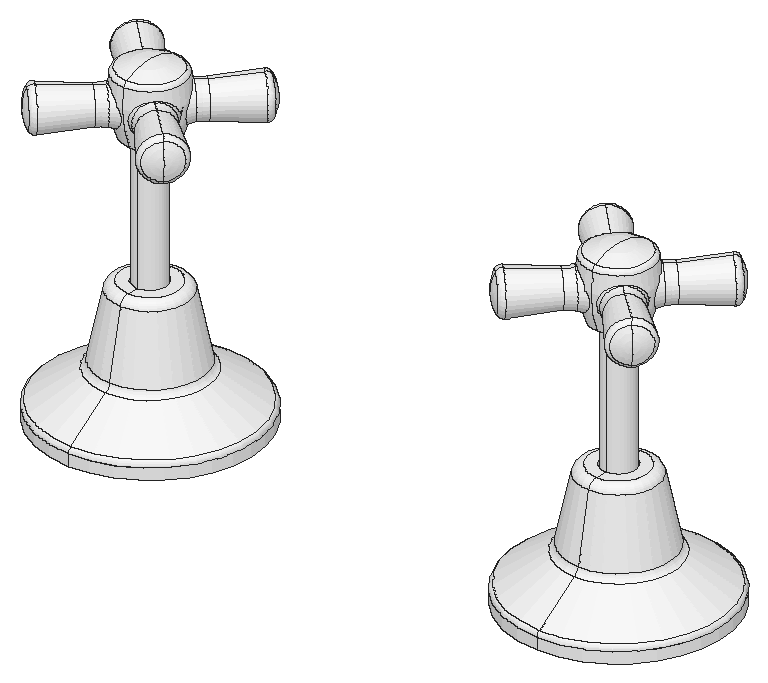
Revit family "Reece_Tap_Base_Wall Top Assembly_Anti-Vandal", category Plumbing Fixtures, host Face, Revit 2018
Family settings
  Host = Face
  Round Connector Dimension = Use Diameter
  Part Type = Normal
  Cut with Voids When Loaded = No
  Shared = Yes
  Room Calculation Point = Yes
Parameters (values of type "Chrome")
  WFU = 0  # constant formula
  URL = "https://www.reece.com.au/product/-9505429"
  Type Comments = "Tap"
  Reece_Tap_Inlet = 12 mm  # constant formula
  Reece_Tap_Axis Distance [instance] = 150 mm
  Reece_Tap_Axis [instance] = if(Reece_Tap_Axis Distance < 70 mm, 70 mm, if(Reece_Tap_Axis Distance > 55 mm, Reece_Tap_Axis Distance, Reece_Tap_Axis Distance))  # 150 mm
  Reece_Product_Web Page = "https://www.reece.com.au/product/-9505429"
  Reece_Product_Type = "Tap"  # constant formula
  Reece_Product_Sub Brand = "Base"  # constant formula
  Reece_Product_Number = "9505429"
  Reece_Product_Mount = "Wall Mounted"
  Reece_Product_Description = "Base Wall Top Assembly Anti-Vandal Chrome"
  Reece_Product_Brand = "Base"  # constant formula
  Reece_Overall_Diameter = 65 mm  # constant formula
  Reece_Material-Main = Reece_Brass_Chrome
  Reece_Detail_Installation = ""
  Reece_Detail_Disclaimer = "THIS FILE IS THE PROPERTY OF THE REECE GROUP. IT MAY NOT BE REPRODUCED, REVERSE-ENGINEERED OR MODIFIED. ANY REPUBLICATION, TRANSMISSION OR DISTRIBUTION FOR THE PURPOSE OF COMMERCIALLY EXPLOITING THE FILES IS PROHIBITED."  # constant formula
  Reece_Detail_Connector = ""
  Reece_Detail_Additional = ""
  Model = "Base"
  Manufacturer = "Base"
  Keynote = "Product #9505429, Reece_Tap_Base_Wall Top Assembly_Anti-Vandal - Chrome"
  HWFU = 0  # constant formula
  Disclaimer = "THIS FILE IS THE PROPERTY OF THE REECE GROUP. IT MAY NOT BE REPRODUCED, REVERSE-ENGINEERED OR MODIFIED. ANY REPUBLICATION, TRANSMISSION OR DISTRIBUTION FOR THE PURPOSE OF COMMERCIALLY EXPLOITING THE FILES IS PROHIBITED."  # constant formula
  Description = "Base Wall Top Assembly Anti-Vandal Chrome"
  Default Elevation = 1000 mm
  CWFU = 0  # constant formula
Types (2, lengths in mm): name | Keynote
  (no name) | "Product #9505429, Reece_Tap_Base_Wall Top Assembly_Anti-Vandal -  "
  Chrome | "Product #9505429, Reece_Tap_Base_Wall Top Assembly_Anti-Vandal - Chrome"
Reference planes
  plane 1 "Center (Front/Back)": y = 0
  plane 2 "Bottom": z = 0
  plane 3 "Center (Left/Right)": x = 0
  plane 4: x = 75
  plane 5: x = -75
  plane 6: y = 32.5
  plane 7: y = -32.5
Forms (mm)
  Extrusion 1, void
    sketch origin (0, 0, 0) x (1, 0, 0) y (0, 1, 0)
      loop
        circle (-75, 0) r 11.509
      loop
        circle (75, 0) r 11.509
    from -21.115 to 12.525
  Revolve 2, solid
    sketch origin (-75, 0, 0) x (0, 1, 0) y (0, 0, 1)
      loop
        line (11.509, 0) -> (0, 0) -> (0, -16.43) -> (1.716, -16.43) -> (3.391, -13.53) -> (3.391, -12.746) -> (9.723, -12.746) -> (9.723, -6.92) -> (8.626, -5.823) -> (9.722, -5.823) -> (11.509, -4.036) -> (11.509, 0)
      axis (0, 0) -> (0, -16.43)
    angle from 0 to 360
  Revolve 3, solid
    sketch origin (75, 0, 0) x (0, 1, 0) y (0, 0, 1)
      loop
        line (11.509, 0) -> (0, 0) -> (0, -16.43) -> (1.716, -16.43) -> (3.391, -13.53) -> (3.391, -12.746) -> (9.723, -12.746) -> (9.723, -6.92) -> (8.626, -5.823) -> (9.722, -5.823) -> (11.509, -4.036) -> (11.509, 0)
      axis (0, 0) -> (0, -16.43)
    angle from 0 to 360
Text (mm)
  text "Reece Copyright © 2018, Reece Ltd." at (-336.212, -196.675, 0), in view "Ref. Level"
  text "Reece ©" at (44.384, 258.95, 192.345), in view "Reece Preview"
Dimensions and locks
  equal spacing: plane 5, plane 3 "Center (Left/Right)", plane 4
  "Reece_Tap_Axis": plane 5 to plane 4
  "Reece_Overall_Diameter": plane 7 to plane 6
  aligned and locked: plane 2 "Bottom" to host face
  aligned and locked: level to host face
  aligned and locked: plane 1 "Center (Front/Back)" to nested 1
  aligned and locked: plane 1 "Center (Front/Back)" to nested 2
  aligned and locked: nested 1 to plane 5
  aligned and locked: plane 4 to nested 2
Automatic sketch dimensions
  host sketch curve to host sketch curve = 380.785 mm
  host sketch curve to host sketch curve = 317.421 mm
  plane 1 "Center (Front/Back)" to Extrusion 1 sketch curve = 0 mm  (x2)
  Extrusion 1 sketch curve to plane 5 = 0 mm
  Extrusion 1 sketch curve to plane 4 = 0 mm
  Revolve 2 sketch curve to plane 1 "Center (Front/Back)" = 0 mm  (x2)
  level to Revolve 2 sketch curve = 0 mm  (x2)
  Revolve 2 sketch curve to plane 1 "Center (Front/Back)" = 1.716 mm
  Revolve 2 sketch curve to Revolve 2 sketch curve = 1.675 mm
  Revolve 2 sketch curve to plane 1 "Center (Front/Back)" = 8.626 mm
  Revolve 2 sketch curve to Revolve 2 sketch curve = 1.097 mm  (x2)
  Revolve 2 sketch curve to Revolve 2 sketch curve = 6.333 mm
  Revolve 2 sketch curve to Revolve 2 sketch curve = 1.787 mm  (x2)
  Revolve 2 sketch curve to level = 4.036 mm
  Revolve 2 sketch curve to Revolve 2 sketch curve = 5.826 mm
  Revolve 2 sketch curve to Revolve 2 sketch curve = 0.783 mm
  Revolve 2 sketch curve to Revolve 2 sketch curve = 2.901 mm
  Revolve 2 sketch curve to Revolve 2 sketch curve = 2.203 mm
  Revolve 3 sketch curve to plane 1 "Center (Front/Back)" = 0 mm  (x2)
  level to Revolve 3 sketch curve = 0 mm  (x2)
  Revolve 3 sketch curve to plane 1 "Center (Front/Back)" = 1.716 mm
  Revolve 3 sketch curve to Revolve 3 sketch curve = 1.675 mm
  Revolve 3 sketch curve to plane 1 "Center (Front/Back)" = 8.626 mm
  Revolve 3 sketch curve to Revolve 3 sketch curve = 1.097 mm  (x2)
  Revolve 3 sketch curve to Revolve 3 sketch curve = 6.333 mm
  Revolve 3 sketch curve to Revolve 3 sketch curve = 1.787 mm  (x2)
  Revolve 3 sketch curve to level = 4.036 mm
  Revolve 3 sketch curve to Revolve 3 sketch curve = 5.826 mm
  Revolve 3 sketch curve to Revolve 3 sketch curve = 0.783 mm
  Revolve 3 sketch curve to Revolve 3 sketch curve = 2.901 mm
  Revolve 3 sketch curve to Revolve 3 sketch curve = 2.203 mm
  radius of Extrusion 1 sketch curve = 11.509 mm  (x2)
Nested families
  nested 1: "Reece_Tap_Base_Wall Top Assembly_Anti Vandal_Nested" at (-75, 0, 0), Reece_Material-Main <- "Reece_Material-Main", type "Reece_Tap_Base_Wall Top Assembly_Nested"
    with Reece_Material-Main Reece_Brass_Chrome
  nested 2: "Reece_Tap_Base_Wall Top Assembly_Anti Vandal_Nested" at (75, 0, 0), Reece_Material-Main <- "Reece_Material-Main", type "Reece_Tap_Base_Wall Top Assembly_Nested"
    with Reece_Material-Main Reece_Brass_Chrome
Connectors
  piping at (-75, 0, -9.564), diameter 12, driven by "Reece_Tap_Inlet"
    settings: on host face, index 1, connector inside diameter 609.6 mm, connector length 0 mm, flow factor 0, pipe flow 0.0 L/s, pressure drop 0.0 Pa, fitting loss kfactor 0, connector angle 0.00°, fixture units 0, engagement length 0 mm, angle of deflection 0.00°, flow configuration 0, flow direction 1, fitting loss method 0, system type 29, joint type 0, gender type 0, connector reference index -1, connector utility 0, adjustable connector no, is connector primary yes, connector description ""
  piping at (75, 0, -9.564), diameter 12, driven by "Reece_Tap_Inlet"
    settings: on host face, index 2, connector inside diameter 609.6 mm, connector length 0 mm, flow factor 0, pipe flow 0.0 L/s, pressure drop 0.0 Pa, fitting loss kfactor 0, connector angle 0.00°, fixture units 0, engagement length 0 mm, angle of deflection 0.00°, flow configuration 0, flow direction 1, fitting loss method 0, system type 29, joint type 0, gender type 0, connector reference index -1, connector utility 0, adjustable connector no, is connector primary no, connector description ""
Definition of nested family "Reece_Tap_Base_Wall Top Assembly_Anti Vandal_Nested"
  Parameters (values of type "Reece_Tap_Base_Wall Top Assembly_Nested")
    Waste Connection = no
    WFU = 0
    Vent Connection = no
    URL = ""
    Type Comments = ""
    Reece_Material-Main [instance] = none
    Model = ""
    Manufacturer = ""
    Keynote = ""
    HWFU = 0
    HW Connection = no
    Description = ""
    Default Elevation = 0 mm
    Cost = 0
    CWFU = 0
    CW Connection = no
    Assembly Code = ""
  Reference planes
    plane 1 "Center (Front/Back)": y = 0
    plane 2 "Bottom": z = 0
    plane 3 "Center (Left/Right)": x = 0
    plane 4: y = -32.5
    plane 5: y = 32.5
    plane 6: z = 96
  Forms (mm)
    Extrusion 1, solid
      sketch origin (619.2, -619.2, 0) x (1, 0, 0) y (0, 1, 0)
        loop
          line (-809.2, 779.2) -> (-809.2, 461.779) -> (-428.415, 461.779) -> (-428.415, 779.2) -> (-809.2, 779.2)
      from 0 to -9.564
    Revolve 2, solid, material <- "Reece_Material-Main"
      sketch origin (0, 0, 0) x (0, 1, 0) y (0, 0, 1)
        loop
          line (0, 12.525) -> (0, 0) -> (32.5, 0) -> (32.5, 3.576)
          arc (32.5, 3.576) -> (32.259, 4.527) -> (31.595, 5.25) r 2
          line (31.595, 5.25) -> (17.534, 14.445)
          arc (17.534, 14.445) -> (16.562, 15.396) -> (16.027, 16.646) r 3.5
          line (16.027, 16.646) -> (11.759, 36.725)
          arc (11.759, 36.725) -> (10.712, 38.433) -> (8.824, 39.102) r 3
          line (8.824, 39.102) -> (5.233, 39.102) -> (5.233, 12.525) -> (0, 12.525)
        loop
          line (4.808, 80.82) -> (8.244, 80.82)
          arc (8.244, 80.82) -> (10.641, 89.691) -> (10.364, 98.876) r 31.372
          arc (10.364, 98.876) -> (9.982, 99.74) -> (9.246, 100.333) r 2
          arc (9.246, 100.333) -> (4.737, 101.911) -> (0, 102.531) r 23.21
          line (0, 102.531) -> (0, 15.703) -> (4.808, 15.703) -> (4.808, 80.82)
        axis (0, 102.531) -> (0, 0)
      angle from 0 to 360
    Extrusion 3, void
      sketch origin (0, 0, 0) x (1, 0, 0) y (0, 1, 0)
        loop
          circle (0, 0) r 11.509
      from -24.315 to 0
    Revolve 4, solid, material <- "Reece_Material-Main"
      sketch origin (0, 0, -1.613) x (-0.707107, 0.707107, 0) y (0, 0, 1)
        loop
          arc (14.45, 97.583) -> (12.706, 97.583) -> (10.99, 97.886) r 10
          line (10.99, 97.886) -> (0, 100.831) -> (-10.99, 97.886)
          arc (-10.99, 97.886) -> (-12.706, 97.583) -> (-14.45, 97.583) r 10
          line (-14.45, 97.583) -> (-28.959, 98.853)
          arc (-28.959, 98.853) -> (-30.123, 98.598) -> (-30.936, 97.726) r 2
          arc (-30.936, 97.726) -> (-31.923, 94.954) -> (-32.307, 92.036) r 13.954
          line (-32.307, 92.036) -> (0, 92.036) -> (32.307, 92.036)
          arc (32.307, 92.036) -> (31.923, 94.954) -> (30.936, 97.726) r 13.954
          arc (30.936, 97.726) -> (30.123, 98.598) -> (28.959, 98.853) r 2
          line (28.959, 98.853) -> (14.45, 97.583)
        axis (32.307, 92.036) -> (-32.307, 92.036)
      angle from 0 to 360
    Revolve 5, solid, material <- "Reece_Material-Main"
      sketch origin (0, 0, -1.613) x (0.707107, 0.707107, 0) y (0, 0, 1)
        loop
          arc (14.45, 97.583) -> (12.706, 97.583) -> (10.99, 97.886) r 10
          line (10.99, 97.886) -> (0, 100.831) -> (-10.99, 97.886)
          arc (-10.99, 97.886) -> (-12.706, 97.583) -> (-14.45, 97.583) r 10
          line (-14.45, 97.583) -> (-28.959, 98.853)
          arc (-28.959, 98.853) -> (-30.123, 98.598) -> (-30.936, 97.726) r 2
          arc (-30.936, 97.726) -> (-31.923, 94.954) -> (-32.307, 92.036) r 13.954
          line (-32.307, 92.036) -> (0, 92.036) -> (32.307, 92.036)
          arc (32.307, 92.036) -> (31.923, 94.954) -> (30.936, 97.726) r 13.954
          arc (30.936, 97.726) -> (30.123, 98.598) -> (28.959, 98.853) r 2
          line (28.959, 98.853) -> (14.45, 97.583)
        axis (32.307, 92.036) -> (-32.307, 92.036)
      angle from 0 to 360
  Text (mm)
    text "Reece Copyright © 2018, Reece Ltd." at (-1403.988, -1192.393, 0), in view "Ref. Level"
    text "Reece ©" at (44.384, 258.95, 192.345), in view "Reece Preview"
  Dimensions and locks
    aligned and locked: plane 2 "Bottom" to Extrusion 1
    aligned and locked: level to Extrusion 1
